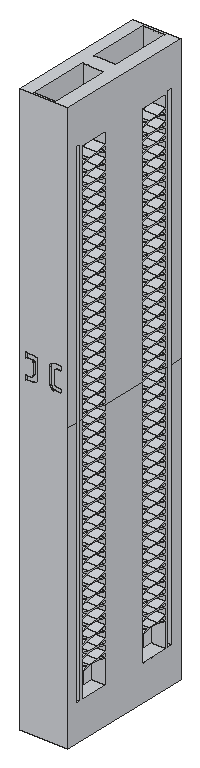
Revit family
Parameters
  Material ID = "760089391"
  Description = "Vertical Cable Management Kit, 8in X 96in (203mm X 2438mm) Double Sided, With Doors, Black"
Reference planes (in)
  plane 1 "Center (Front/Back)": y = 0
  plane 2: z = 0
  plane 3 "Center (Left/Right)": x = 0
Forms (in)
  Extrusion 1, void, not visible
    sketch origin (0, 0, 0) x (1, 0, 0) y (0, 0, 1)
      loop
        line (-7.85662, 0.48089) -> (-7.85662, -0.39002) -> (-7.67285, -0.39002) -> (-7.67285, -0.64002) -> (-7.0736, -0.64002) -> (-7.0736, -0.39002) -> (-6.92978, -0.39002) -> (-6.92978, 0.48089) -> (-7.85662, 0.48089)
    from -3.79215 to 12
  Extrusion 2, void, not visible
    sketch origin (0, 0, 0) x (1, 0, 0) y (0, 0, 1)
      loop
        line (-8.21397, 0.42583) -> (-8.21397, -0.07417) -> (-8.08657, -0.07417) -> (-8.08657, -0.27417) -> (-7.83657, -0.27417) -> (-7.83657, -0.07417) -> (-7.72497, -0.07417) -> (-7.72497, 0.42583) -> (-8.21397, 0.42583)
    from 0.74059 to 3.34334
  Extrusion 3, solid
    sketch origin (0, 0, 0) x (1, 0, 0) y (0, 0, 1)
      loop
        line (4, 48) -> (-4, 48) -> (-4, -48) -> (4, -48) -> (4, 0) -> (4, 48)
    from 11.281 to -12.189
  Extrusion 4, void
    sketch origin (0, 0, 0) x (1, 0, 0) y (0, 0, 1)
      loop
        line (-3, 9.00056) -> (-3, 8.06684) -> (-2.1, 8.06684)
        arc (-2.1, 8.06684) -> (-1.88787, 7.97898) -> (-1.8, 7.76684) r 0.3
        line (-1.8, 7.76684) -> (-1.8, 5.85056)
        arc (-1.8, 5.85056) -> (-1.88787, 5.63843) -> (-2.1, 5.55056) r 0.3
        line (-2.1, 5.55056) -> (-3, 5.55056) -> (-3, 4.75056) -> (-1.8, 4.75056)
        arc (-1.8, 4.75056) -> (-1.23431, 4.98488) -> (-1, 5.55056) r 0.8
        line (-1, 5.55056) -> (-1, 8.20056)
        arc (-1, 8.20056) -> (-1.23431, 8.76625) -> (-1.8, 9.00056) r 0.8
        line (-1.8, 9.00056) -> (-3, 9.00056)
      loop
        line (3, 9.00056) -> (1.8, 9.00056)
        arc (1.8, 9.00056) -> (1.23431, 8.76625) -> (1, 8.20056) r 0.8
        line (1, 8.20056) -> (1, 5.55056)
        arc (1, 5.55056) -> (1.23431, 4.98488) -> (1.8, 4.75056) r 0.8
        line (1.8, 4.75056) -> (3, 4.75056) -> (3, 5.55056) -> (2.1, 5.55056)
        arc (2.1, 5.55056) -> (1.88787, 5.63843) -> (1.8, 5.85056) r 0.3
        line (1.8, 5.85056) -> (1.8, 7.76684)
        arc (1.8, 7.76684) -> (1.88787, 7.97898) -> (2.1, 8.06684) r 0.3
        line (2.1, 8.06684) -> (3, 8.06684) -> (3, 9.00056)
    from 11.08569 to 11.281
  Extrusion 5, void
    sketch origin (0, 0, 0) x (1, 0, 0) y (0, 1, 0)
      loop
        line (1.70983, -0.6615) -> (-2.04017, -0.6615) -> (-2.04017, -10.9115) -> (1.70983, -10.9115) -> (1.70983, -0.6615)
      loop
        line (1.70983, 1.5695) -> (1.70983, 11.8195) -> (-2.04017, 11.8195) -> (-2.04017, 1.5695) -> (1.70983, 1.5695)
    from -58.88014 to 54.97812
  Extrusion 6, void
    sketch origin (0, 0, 0) x (0, 1, 0) y (0, 0, 1)
      loop
        line (-3.37841, 39.06909) -> (-3.37841, 41.06909) -> (-8.50915, 41.06909) -> (-8.50915, 39.06909) -> (-6.81878, 38.61615) -> (-5.06878, 38.61615) -> (-3.37841, 39.06909)
      loop
        line (-3.37841, 38.06909) -> (-5.06878, 38.52202) -> (-6.81878, 38.52202) -> (-8.50915, 38.06909) -> (-8.50915, 37.81909) -> (-8.50915, 37.06909) -> (-6.81878, 36.61615) -> (-5.06878, 36.61615) -> (-3.37841, 37.06909) -> (-3.37841, 37.81909) -> (-3.37841, 38.06909)
      loop
        line (-3.37841, 39.00985) -> (-4.9864, 38.57899) -> (-3.37841, 38.14813) -> (-3.37841, 39.00985)
      loop
        line (-8.50915, 39.00985) -> (-8.50915, 38.14813) -> (-6.90115, 38.57899) -> (-8.50915, 39.00985)
      loop
        line (-3.37841, 36.06909) -> (-5.06878, 36.52202) -> (-6.81878, 36.52202) -> (-8.50915, 36.06909) -> (-8.50915, 35.06909) -> (-6.81878, 34.61615) -> (-5.06878, 34.61615) -> (-3.37841, 35.06909) -> (-3.37841, 36.06909)
      loop
        line (-3.37841, 37.00985) -> (-4.9864, 36.57899) -> (-3.37841, 36.14813) -> (-3.37841, 37.00985)
      loop
        line (-8.50915, 37.00985) -> (-8.50915, 36.14813) -> (-6.90115, 36.57899) -> (-8.50915, 37.00985)
      loop
        line (-3.37841, 34.06909) -> (-5.06878, 34.52202) -> (-6.81878, 34.52202) -> (-8.50915, 34.06909) -> (-8.50915, 33.06909) -> (-6.81878, 32.61615) -> (-5.06878, 32.61615) -> (-3.37841, 33.06909) -> (-3.37841, 34.06909)
      loop
        line (-3.37841, 35.00985) -> (-4.9864, 34.57899) -> (-3.37841, 34.14813) -> (-3.37841, 35.00985)
      loop
        line (-8.50915, 35.00985) -> (-8.50915, 34.14813) -> (-6.90115, 34.57899) -> (-8.50915, 35.00985)
      loop
        line (-3.37841, 32.06909) -> (-5.06878, 32.52202) -> (-6.81878, 32.52202) -> (-8.50915, 32.06909) -> (-8.50915, 31.06909) -> (-6.81878, 30.61615) -> (-5.06878, 30.61615) -> (-3.37841, 31.06909) -> (-3.37841, 32.06909)
      loop
        line (-3.37841, 33.00985) -> (-4.9864, 32.57899) -> (-3.37841, 32.14813) -> (-3.37841, 33.00985)
      loop
        line (-8.50915, 33.00985) -> (-8.50915, 32.14813) -> (-6.90115, 32.57899) -> (-8.50915, 33.00985)
      loop
        line (-3.37841, 30.06909) -> (-5.06878, 30.52202) -> (-6.81878, 30.52202) -> (-8.50915, 30.06909) -> (-8.50915, 29.06909) -> (-6.81878, 28.61615) -> (-5.06878, 28.61615) -> (-3.37841, 29.06909) -> (-3.37841, 30.06909)
      loop
        line (-3.37841, 31.00985) -> (-4.9864, 30.57899) -> (-3.37841, 30.14813) -> (-3.37841, 31.00985)
      loop
        line (-8.50915, 31.00985) -> (-8.50915, 30.14813) -> (-6.90115, 30.57899) -> (-8.50915, 31.00985)
      loop
        line (-3.37841, 28.06909) -> (-5.06878, 28.52202) -> (-6.81878, 28.52202) -> (-8.50915, 28.06909) -> (-8.50915, 27.06909) -> (-6.81878, 26.61615) -> (-5.06878, 26.61615) -> (-3.37841, 27.06909) -> (-3.37841, 28.06909)
      loop
        line (-3.37841, 29.00985) -> (-4.9864, 28.57899) -> (-3.37841, 28.14813) -> (-3.37841, 29.00985)
      loop
        line (-8.50915, 29.00985) -> (-8.50915, 28.14813) -> (-6.90115, 28.57899) -> (-8.50915, 29.00985)
      loop
        line (-3.37841, 26.06909) -> (-5.06878, 26.52202) -> (-6.81878, 26.52202) -> (-8.50915, 26.06909) -> (-8.50915, 25.06909) -> (-6.81878, 24.61615) -> (-5.06878, 24.61615) -> (-3.37841, 25.06909) -> (-3.37841, 26.06909)
      loop
        line (-3.37841, 27.00985) -> (-4.9864, 26.57899) -> (-3.37841, 26.14813) -> (-3.37841, 27.00985)
      loop
        line (-8.50915, 27.00985) -> (-8.50915, 26.14813) -> (-6.90115, 26.57899) -> (-8.50915, 27.00985)
      loop
        line (-3.37841, 24.06909) -> (-5.06878, 24.52202) -> (-6.81878, 24.52202) -> (-8.50915, 24.06909) -> (-8.50915, 23.06909) -> (-6.81878, 22.61615) -> (-5.06878, 22.61615) -> (-3.37841, 23.06909) -> (-3.37841, 24.06909)
      loop
        line (-3.37841, 25.00985) -> (-4.9864, 24.57899) -> (-3.37841, 24.14813) -> (-3.37841, 25.00985)
      loop
        line (-8.50915, 25.00985) -> (-8.50915, 24.14813) -> (-6.90115, 24.57899) -> (-8.50915, 25.00985)
      loop
        line (-3.37841, 22.06909) -> (-5.06878, 22.52202) -> (-6.81878, 22.52202) -> (-8.50915, 22.06909) -> (-8.50915, 21.06909) -> (-6.81878, 20.61615) -> (-5.06878, 20.61615) -> (-3.37841, 21.06909) -> (-3.37841, 22.06909)
      loop
        line (-3.37841, 23.00985) -> (-4.9864, 22.57899) -> (-3.37841, 22.14813) -> (-3.37841, 23.00985)
      loop
        line (-8.50915, 23.00985) -> (-8.50915, 22.14813) -> (-6.90115, 22.57899) -> (-8.50915, 23.00985)
      loop
        line (-3.37841, 20.06909) -> (-5.06878, 20.52202) -> (-6.81878, 20.52202) -> (-8.50915, 20.06909) -> (-8.50915, 19.06909) -> (-6.81878, 18.61615) -> (-5.06878, 18.61615) -> (-3.37841, 19.06909) -> (-3.37841, 20.06909)
      loop
        line (-3.37841, 21.00985) -> (-4.9864, 20.57899) -> (-3.37841, 20.14813) -> (-3.37841, 21.00985)
      loop
        line (-8.50915, 21.00985) -> (-8.50915, 20.14813) -> (-6.90115, 20.57899) -> (-8.50915, 21.00985)
      loop
        line (-3.37841, 18.06909) -> (-5.06878, 18.52202) -> (-6.81878, 18.52202) -> (-8.50915, 18.06909) -> (-8.50915, 17.06909) -> (-6.81878, 16.61615) -> (-5.06878, 16.61615) -> (-3.37841, 17.06909) -> (-3.37841, 18.06909)
      loop
        line (-3.37841, 19.00985) -> (-4.9864, 18.57899) -> (-3.37841, 18.14813) -> (-3.37841, 19.00985)
      loop
        line (-8.50915, 19.00985) -> (-8.50915, 18.14813) -> (-6.90115, 18.57899) -> (-8.50915, 19.00985)
      loop
        line (-3.37841, 16.06909) -> (-5.06878, 16.52202) -> (-6.81878, 16.52202) -> (-8.50915, 16.06909) -> (-8.50915, 15.06909) -> (-6.81878, 14.61615) -> (-5.06878, 14.61615) -> (-3.37841, 15.06909) -> (-3.37841, 16.06909)
      loop
        line (-3.37841, 17.00985) -> (-4.9864, 16.57899) -> (-3.37841, 16.14813) -> (-3.37841, 17.00985)
      loop
        line (-8.50915, 17.00985) -> (-8.50915, 16.14813) -> (-6.90115, 16.57899) -> (-8.50915, 17.00985)
      loop
        line (-3.37841, 14.06909) -> (-5.06878, 14.52202) -> (-6.81878, 14.52202) -> (-8.50915, 14.06909) -> (-8.50915, 13.06909) -> (-6.81878, 12.61615) -> (-5.06878, 12.61615) -> (-3.37841, 13.06909) -> (-3.37841, 14.06909)
      loop
        line (-3.37841, 15.00985) -> (-4.9864, 14.57899) -> (-3.37841, 14.14813) -> (-3.37841, 15.00985)
      loop
        line (-8.50915, 15.00985) -> (-8.50915, 14.14813) -> (-6.90115, 14.57899) -> (-8.50915, 15.00985)
      loop
        line (-3.37841, 12.06909) -> (-5.06878, 12.52202) -> (-6.81878, 12.52202) -> (-8.50915, 12.06909) -> (-8.50915, 11.06909) -> (-6.81878, 10.61615) -> (-5.06878, 10.61615) -> (-3.37841, 11.06909) -> (-3.37841, 12.06909)
      loop
        line (-3.37841, 13.00985) -> (-4.9864, 12.57899) -> (-3.37841, 12.14813) -> (-3.37841, 13.00985)
      loop
        line (-8.50915, 13.00985) -> (-8.50915, 12.14813) -> (-6.90115, 12.57899) -> (-8.50915, 13.00985)
      loop
        line (-3.37841, 10.06909) -> (-5.06878, 10.52202) -> (-6.81878, 10.52202) -> (-8.50915, 10.06909) -> (-8.50915, 9.06909) -> (-6.81878, 8.61615) -> (-5.06878, 8.61615) -> (-3.37841, 9.06909) -> (-3.37841, 10.06909)
      loop
        line (-3.37841, 11.00985) -> (-4.9864, 10.57899) -> (-3.37841, 10.14813) -> (-3.37841, 11.00985)
      loop
        line (-8.50915, 11.00985) -> (-8.50915, 10.14813) -> (-6.90115, 10.57899) -> (-8.50915, 11.00985)
      loop
        line (-3.37841, 8.06909) -> (-5.06878, 8.52202) -> (-6.81878, 8.52202) -> (-8.50915, 8.06909) -> (-8.50915, 7.06909) -> (-6.81878, 6.61615) -> (-5.06878, 6.61615) -> (-3.37841, 7.06909) -> (-3.37841, 8.06909)
      loop
        line (-3.37841, 9.00985) -> (-4.9864, 8.57899) -> (-3.37841, 8.14813) -> (-3.37841, 9.00985)
      loop
        line (-8.50915, 9.00985) -> (-8.50915, 8.14813) -> (-6.90115, 8.57899) -> (-8.50915, 9.00985)
      loop
        line (-3.37841, 6.06909) -> (-5.06878, 6.52202) -> (-6.81878, 6.52202) -> (-8.50915, 6.06909) -> (-8.50915, 5.06909) -> (-6.81878, 4.61615) -> (-5.06878, 4.61615) -> (-3.37841, 5.06909) -> (-3.37841, 6.06909)
      loop
        line (-3.37841, 7.00985) -> (-4.9864, 6.57899) -> (-3.37841, 6.14813) -> (-3.37841, 7.00985)
      loop
        line (-8.50915, 7.00985) -> (-8.50915, 6.14813) -> (-6.90115, 6.57899) -> (-8.50915, 7.00985)
      loop
        line (-3.37841, 4.06909) -> (-5.06878, 4.52202) -> (-6.81878, 4.52202) -> (-8.50915, 4.06909) -> (-8.50915, 3.06909) -> (-6.81878, 2.61615) -> (-5.06878, 2.61615) -> (-3.37841, 3.06909) -> (-3.37841, 4.06909)
      loop
        line (-3.37841, 5.00985) -> (-4.9864, 4.57899) -> (-3.37841, 4.14813) -> (-3.37841, 5.00985)
      loop
        line (-8.50915, 5.00985) -> (-8.50915, 4.14813) -> (-6.90115, 4.57899) -> (-8.50915, 5.00985)
      loop
        line (-3.37841, 2.06909) -> (-5.06878, 2.52202) -> (-6.81878, 2.52202) -> (-8.50915, 2.06909) -> (-8.50915, 1.06909) -> (-6.81878, 0.61615) -> (-5.06878, 0.61615) -> (-3.37841, 1.06909) -> (-3.37841, 2.06909)
      loop
        line (-3.37841, 3.00985) -> (-4.9864, 2.57899) -> (-3.37841, 2.14813) -> (-3.37841, 3.00985)
      loop
        line (-8.50915, 3.00985) -> (-8.50915, 2.14813) -> (-6.90115, 2.57899) -> (-8.50915, 3.00985)
      loop
        line (-3.37841, 0.06909) -> (-5.06878, 0.52202) -> (-6.81878, 0.52202) -> (-8.50915, 0.06909) -> (-8.50915, -0.93091) -> (-6.81878, -1.38385) -> (-5.06878, -1.38385) -> (-3.37841, -0.93091) -> (-3.37841, 0.06909)
      loop
        line (-3.37841, 1.00985) -> (-4.9864, 0.57899) -> (-3.37841, 0.14813) -> (-3.37841, 1.00985)
      loop
        line (-8.50915, 1.00985) -> (-8.50915, 0.14813) -> (-6.90115, 0.57899) -> (-8.50915, 1.00985)
      loop
        line (-3.37841, -1.93091) -> (-5.06878, -1.47798) -> (-6.81878, -1.47798) -> (-8.50915, -1.93091) -> (-8.50915, -2.93091) -> (-6.81878, -3.38385) -> (-5.06878, -3.38385) -> (-3.37841, -2.93091) -> (-3.37841, -1.93091)
      loop
        line (-3.37841, -0.99015) -> (-4.9864, -1.42101) -> (-3.37841, -1.85187) -> (-3.37841, -0.99015)
      loop
        line (-8.50915, -0.99015) -> (-8.50915, -1.85187) -> (-6.90115, -1.42101) -> (-8.50915, -0.99015)
      loop
        line (-3.37841, -3.93091) -> (-5.06878, -3.47798) -> (-6.81878, -3.47798) -> (-8.50915, -3.93091) -> (-8.50915, -4.93091) -> (-6.81878, -5.38385) -> (-5.06878, -5.38385) -> (-3.37841, -4.93091) -> (-3.37841, -3.93091)
      loop
        line (-3.37841, -2.99015) -> (-4.9864, -3.42101) -> (-3.37841, -3.85187) -> (-3.37841, -2.99015)
      loop
        line (-8.50915, -2.99015) -> (-8.50915, -3.85187) -> (-6.90115, -3.42101) -> (-8.50915, -2.99015)
      loop
        line (-3.37841, -5.93091) -> (-5.06878, -5.47798) -> (-6.81878, -5.47798) -> (-8.50915, -5.93091) -> (-8.50915, -6.93091) -> (-6.81878, -7.38385) -> (-5.06878, -7.38385) -> (-3.37841, -6.93091) -> (-3.37841, -5.93091)
      loop
        line (-3.37841, -4.99015) -> (-4.9864, -5.42101) -> (-3.37841, -5.85187) -> (-3.37841, -4.99015)
      loop
        line (-8.50915, -4.99015) -> (-8.50915, -5.85187) -> (-6.90115, -5.42101) -> (-8.50915, -4.99015)
      loop
        line (-3.37841, -7.93091) -> (-5.06878, -7.47798) -> (-6.81878, -7.47798) -> (-8.50915, -7.93091) -> (-8.50915, -8.93091) -> (-6.81878, -9.38385) -> (-5.06878, -9.38385) -> (-3.37841, -8.93091) -> (-3.37841, -7.93091)
      loop
        line (-3.37841, -6.99015) -> (-4.9864, -7.42101) -> (-3.37841, -7.85187) -> (-3.37841, -6.99015)
      loop
        line (-8.50915, -6.99015) -> (-8.50915, -7.85187) -> (-6.90115, -7.42101) -> (-8.50915, -6.99015)
      loop
        line (-3.37841, -9.93091) -> (-5.06878, -9.47798) -> (-6.81878, -9.47798) -> (-8.50915, -9.93091) -> (-8.50915, -10.93091) -> (-6.81878, -11.38385) -> (-5.06878, -11.38385) -> (-3.37841, -10.93091) -> (-3.37841, -9.93091)
      loop
        line (-3.37841, -8.99015) -> (-4.9864, -9.42101) -> (-3.37841, -9.85187) -> (-3.37841, -8.99015)
      loop
        line (-8.50915, -8.99015) -> (-8.50915, -9.85187) -> (-6.90115, -9.42101) -> (-8.50915, -8.99015)
      loop
        line (-3.37841, -11.93091) -> (-5.06878, -11.47798) -> (-6.81878, -11.47798) -> (-8.50915, -11.93091) -> (-8.50915, -12.93091) -> (-6.81878, -13.38385) -> (-5.06878, -13.38385) -> (-3.37841, -12.93091) -> (-3.37841, -11.93091)
      loop
        line (-3.37841, -10.99015) -> (-4.9864, -11.42101) -> (-3.37841, -11.85187) -> (-3.37841, -10.99015)
      loop
        line (-8.50915, -10.99015) -> (-8.50915, -11.85187) -> (-6.90115, -11.42101) -> (-8.50915, -10.99015)
      loop
        line (-3.37841, -13.93091) -> (-5.06878, -13.47798) -> (-6.81878, -13.47798) -> (-8.50915, -13.93091) -> (-8.50915, -14.93091) -> (-6.81878, -15.38385) -> (-5.06878, -15.38385) -> (-3.37841, -14.93091) -> (-3.37841, -13.93091)
      loop
        line (-3.37841, -12.99015) -> (-4.9864, -13.42101) -> (-3.37841, -13.85187) -> (-3.37841, -12.99015)
      loop
        line (-8.50915, -12.99015) -> (-8.50915, -13.85187) -> (-6.90115, -13.42101) -> (-8.50915, -12.99015)
      loop
        line (-3.37841, -15.93091) -> (-5.06878, -15.47798) -> (-6.81878, -15.47798) -> (-8.50915, -15.93091) -> (-8.50915, -16.93091) -> (-6.81878, -17.38385) -> (-5.06878, -17.38385) -> (-3.37841, -16.93091) -> (-3.37841, -15.93091)
      loop
        line (-3.37841, -14.99015) -> (-4.9864, -15.42101) -> (-3.37841, -15.85187) -> (-3.37841, -14.99015)
      loop
        line (-8.50915, -14.99015) -> (-8.50915, -15.85187) -> (-6.90115, -15.42101) -> (-8.50915, -14.99015)
      loop
        line (-3.37841, -17.93091) -> (-5.06878, -17.47798) -> (-6.81878, -17.47798) -> (-8.50915, -17.93091) -> (-8.50915, -18.93091) -> (-6.81878, -19.38385) -> (-5.06878, -19.38385) -> (-3.37841, -18.93091) -> (-3.37841, -17.93091)
      loop
        line (-3.37841, -16.99015) -> (-4.9864, -17.42101) -> (-3.37841, -17.85187) -> (-3.37841, -16.99015)
      loop
        line (-8.50915, -16.99015) -> (-8.50915, -17.85187) -> (-6.90115, -17.42101) -> (-8.50915, -16.99015)
      loop
        line (-3.37841, -19.93091) -> (-5.06878, -19.47798) -> (-6.81878, -19.47798) -> (-8.50915, -19.93091) -> (-8.50915, -20.93091) -> (-6.81878, -21.38385) -> (-5.06878, -21.38385) -> (-3.37841, -20.93091) -> (-3.37841, -19.93091)
      loop
        line (-3.37841, -18.99015) -> (-4.9864, -19.42101) -> (-3.37841, -19.85187) -> (-3.37841, -18.99015)
      loop
        line (-8.50915, -18.99015) -> (-8.50915, -19.85187) -> (-6.90115, -19.42101) -> (-8.50915, -18.99015)
      loop
        line (-3.37841, -21.93091) -> (-5.06878, -21.47798) -> (-6.81878, -21.47798) -> (-8.50915, -21.93091) -> (-8.50915, -22.93091) -> (-6.81878, -23.38385) -> (-5.06878, -23.38385) -> (-3.37841, -22.93091) -> (-3.37841, -21.93091)
      loop
        line (-3.37841, -20.99015) -> (-4.9864, -21.42101) -> (-3.37841, -21.85187) -> (-3.37841, -20.99015)
      loop
        line (-8.50915, -20.99015) -> (-8.50915, -21.85187) -> (-6.90115, -21.42101) -> (-8.50915, -20.99015)
      loop
        line (-3.37841, -23.93091) -> (-5.06878, -23.47798) -> (-6.81878, -23.47798) -> (-8.50915, -23.93091) -> (-8.50915, -24.93091) -> (-6.81878, -25.38385) -> (-5.06878, -25.38385) -> (-3.37841, -24.93091) -> (-3.37841, -23.93091)
      loop
        line (-3.37841, -22.99015) -> (-4.9864, -23.42101) -> (-3.37841, -23.85187) -> (-3.37841, -22.99015)
      loop
        line (-8.50915, -22.99015) -> (-8.50915, -23.85187) -> (-6.90115, -23.42101) -> (-8.50915, -22.99015)
      loop
        line (-3.37841, -25.93091) -> (-5.06878, -25.47798) -> (-6.81878, -25.47798) -> (-8.50915, -25.93091) -> (-8.50915, -26.93091) -> (-6.81878, -27.38385) -> (-5.06878, -27.38385) -> (-3.37841, -26.93091) -> (-3.37841, -25.93091)
      loop
        line (-3.37841, -24.99015) -> (-4.9864, -25.42101) -> (-3.37841, -25.85187) -> (-3.37841, -24.99015)
      loop
        line (-8.50915, -24.99015) -> (-8.50915, -25.85187) -> (-6.90115, -25.42101) -> (-8.50915, -24.99015)
      loop
        line (-3.37841, -27.93091) -> (-5.06878, -27.47798) -> (-6.81878, -27.47798) -> (-8.50915, -27.93091) -> (-8.50915, -28.93091) -> (-6.81878, -29.38385) -> (-5.06878, -29.38385) -> (-3.37841, -28.93091) -> (-3.37841, -27.93091)
      loop
        line (-3.37841, -26.99015) -> (-4.9864, -27.42101) -> (-3.37841, -27.85187) -> (-3.37841, -26.99015)
      loop
        line (-8.50915, -26.99015) -> (-8.50915, -27.85187) -> (-6.90115, -27.42101) -> (-8.50915, -26.99015)
      loop
        line (-3.37841, -29.93091) -> (-5.06878, -29.47798) -> (-6.81878, -29.47798) -> (-8.50915, -29.93091) -> (-8.50915, -30.93091) -> (-6.81878, -31.38385) -> (-5.06878, -31.38385) -> (-3.37841, -30.93091) -> (-3.37841, -29.93091)
      loop
        line (-3.37841, -28.99015) -> (-4.9864, -29.42101) -> (-3.37841, -29.85187) -> (-3.37841, -28.99015)
      loop
        line (-8.50915, -28.99015) -> (-8.50915, -29.85187) -> (-6.90115, -29.42101) -> (-8.50915, -28.99015)
      loop
        line (-3.37841, -31.93091) -> (-5.06878, -31.47798) -> (-6.81878, -31.47798) -> (-8.50915, -31.93091) -> (-8.50915, -32.93091) -> (-6.81878, -33.38385) -> (-5.06878, -33.38385) -> (-3.37841, -32.93091) -> (-3.37841, -31.93091)
      loop
        line (-3.37841, -30.99015) -> (-4.9864, -31.42101) -> (-3.37841, -31.85187) -> (-3.37841, -30.99015)
      loop
        line (-8.50915, -30.99015) -> (-8.50915, -31.85187) -> (-6.90115, -31.42101) -> (-8.50915, -30.99015)
      loop
        line (-3.37841, -33.93091) -> (-5.06878, -33.47798) -> (-6.81878, -33.47798) -> (-8.50915, -33.93091) -> (-8.50915, -34.93091) -> (-6.81878, -35.38385) -> (-5.06878, -35.38385) -> (-3.37841, -34.93091) -> (-3.37841, -33.93091)
      loop
        line (-3.37841, -32.99015) -> (-4.9864, -33.42101) -> (-3.37841, -33.85187) -> (-3.37841, -32.99015)
      loop
        line (-8.50915, -32.99015) -> (-8.50915, -33.85187) -> (-6.90115, -33.42101) -> (-8.50915, -32.99015)
      loop
        line (-3.37841, -35.93091) -> (-5.06878, -35.47798) -> (-6.81878, -35.47798) -> (-8.50915, -35.93091) -> (-8.50915, -36.93091) -> (-6.81878, -37.38385) -> (-5.06878, -37.38385) -> (-3.37841, -36.93091) -> (-3.37841, -35.93091)
      loop
        line (-3.37841, -34.99015) -> (-4.9864, -35.42101) -> (-3.37841, -35.85187) -> (-3.37841, -34.99015)
      loop
        line (-8.50915, -34.99015) -> (-8.50915, -35.85187) -> (-6.90115, -35.42101) -> (-8.50915, -34.99015)
      loop
        line (-3.37841, -37.93091) -> (-5.06878, -37.47798) -> (-6.81878, -37.47798) -> (-8.50915, -37.93091) -> (-8.50915, -42) -> (-3.37841, -42) -> (-3.37841, -37.93091)
      loop
        line (-3.37841, -36.99015) -> (-4.9864, -37.42101) -> (-3.37841, -37.85187) -> (-3.37841, -36.99015)
      loop
        line (-8.50915, -36.99015) -> (-8.50915, -37.85187) -> (-6.90115, -37.42101) -> (-8.50915, -36.99015)
      loop
        line (4.05541, 39.06909) -> (5.74578, 38.61615) -> (7.49578, 38.61615) -> (9.18615, 39.06909) -> (9.18615, 41.06909) -> (4.05541, 41.06909) -> (4.05541, 39.06909)
      loop
        line (4.05541, 38.06909) -> (4.05541, 37.81909) -> (4.05541, 37.06909) -> (5.74578, 36.61615) -> (7.49578, 36.61615) -> (9.18615, 37.06909) -> (9.18615, 37.81909) -> (9.18615, 38.06909) -> (7.49578, 38.52202) -> (5.74578, 38.52202) -> (4.05541, 38.06909)
      loop
        line (4.05541, 39.00985) -> (4.05541, 38.14813) -> (5.6634, 38.57899) -> (4.05541, 39.00985)
      loop
        line (9.18615, 39.00985) -> (7.57815, 38.57899) -> (9.18615, 38.14813) -> (9.18615, 39.00985)
      loop
        line (4.05541, 36.06909) -> (4.05541, 35.06909) -> (5.74578, 34.61615) -> (7.49578, 34.61615) -> (9.18615, 35.06909) -> (9.18615, 36.06909) -> (7.49578, 36.52202) -> (5.74578, 36.52202) -> (4.05541, 36.06909)
      loop
        line (4.05541, 37.00985) -> (4.05541, 36.14813) -> (5.6634, 36.57899) -> (4.05541, 37.00985)
      loop
        line (9.18615, 37.00985) -> (7.57815, 36.57899) -> (9.18615, 36.14813) -> (9.18615, 37.00985)
      loop
        line (4.05541, 34.06909) -> (4.05541, 33.06909) -> (5.74578, 32.61615) -> (7.49578, 32.61615) -> (9.18615, 33.06909) -> (9.18615, 34.06909) -> (7.49578, 34.52202) -> (5.74578, 34.52202) -> (4.05541, 34.06909)
      loop
        line (4.05541, 35.00985) -> (4.05541, 34.14813) -> (5.6634, 34.57899) -> (4.05541, 35.00985)
      loop
        line (9.18615, 35.00985) -> (7.57815, 34.57899) -> (9.18615, 34.14813) -> (9.18615, 35.00985)
      loop
        line (4.05541, 32.06909) -> (4.05541, 31.06909) -> (5.74578, 30.61615) -> (7.49578, 30.61615) -> (9.18615, 31.06909) -> (9.18615, 32.06909) -> (7.49578, 32.52202) -> (5.74578, 32.52202) -> (4.05541, 32.06909)
      loop
        line (4.05541, 33.00985) -> (4.05541, 32.14813) -> (5.6634, 32.57899) -> (4.05541, 33.00985)
      loop
        line (9.18615, 33.00985) -> (7.57815, 32.57899) -> (9.18615, 32.14813) -> (9.18615, 33.00985)
      loop
        line (4.05541, 30.06909) -> (4.05541, 29.06909) -> (5.74578, 28.61615) -> (7.49578, 28.61615) -> (9.18615, 29.06909) -> (9.18615, 30.06909) -> (7.49578, 30.52202) -> (5.74578, 30.52202) -> (4.05541, 30.06909)
      loop
        line (4.05541, 31.00985) -> (4.05541, 30.14813) -> (5.6634, 30.57899) -> (4.05541, 31.00985)
      loop
        line (9.18615, 31.00985) -> (7.57815, 30.57899) -> (9.18615, 30.14813) -> (9.18615, 31.00985)
      loop
        line (4.05541, 28.06909) -> (4.05541, 27.06909) -> (5.74578, 26.61615) -> (7.49578, 26.61615) -> (9.18615, 27.06909) -> (9.18615, 28.06909) -> (7.49578, 28.52202) -> (5.74578, 28.52202) -> (4.05541, 28.06909)
      loop
        line (4.05541, 29.00985) -> (4.05541, 28.14813) -> (5.6634, 28.57899) -> (4.05541, 29.00985)
      loop
        line (9.18615, 29.00985) -> (7.57815, 28.57899) -> (9.18615, 28.14813) -> (9.18615, 29.00985)
      loop
        line (4.05541, 26.06909) -> (4.05541, 25.06909) -> (5.74578, 24.61615) -> (7.49578, 24.61615) -> (9.18615, 25.06909) -> (9.18615, 26.06909) -> (7.49578, 26.52202) -> (5.74578, 26.52202) -> (4.05541, 26.06909)
      loop
        line (4.05541, 27.00985) -> (4.05541, 26.14813) -> (5.6634, 26.57899) -> (4.05541, 27.00985)
      loop
        line (9.18615, 27.00985) -> (7.57815, 26.57899) -> (9.18615, 26.14813) -> (9.18615, 27.00985)
      loop
        line (4.05541, 24.06909) -> (4.05541, 23.06909) -> (5.74578, 22.61615) -> (7.49578, 22.61615) -> (9.18615, 23.06909) -> (9.18615, 24.06909) -> (7.49578, 24.52202) -> (5.74578, 24.52202) -> (4.05541, 24.06909)
      loop
        line (4.05541, 25.00985) -> (4.05541, 24.14813) -> (5.6634, 24.57899) -> (4.05541, 25.00985)
      loop
        line (9.18615, 25.00985) -> (7.57815, 24.57899) -> (9.18615, 24.14813) -> (9.18615, 25.00985)
      loop
        line (4.05541, 22.06909) -> (4.05541, 21.06909) -> (5.74578, 20.61615) -> (7.49578, 20.61615) -> (9.18615, 21.06909) -> (9.18615, 22.06909) -> (7.49578, 22.52202) -> (5.74578, 22.52202) -> (4.05541, 22.06909)
      loop
        line (4.05541, 23.00985) -> (4.05541, 22.14813) -> (5.6634, 22.57899) -> (4.05541, 23.00985)
      loop
        line (9.18615, 23.00985) -> (7.57815, 22.57899) -> (9.18615, 22.14813) -> (9.18615, 23.00985)
      loop
        line (4.05541, 20.06909) -> (4.05541, 19.06909) -> (5.74578, 18.61615) -> (7.49578, 18.61615) -> (9.18615, 19.06909) -> (9.18615, 20.06909) -> (7.49578, 20.52202) -> (5.74578, 20.52202) -> (4.05541, 20.06909)
      loop
        line (4.05541, 21.00985) -> (4.05541, 20.14813) -> (5.6634, 20.57899) -> (4.05541, 21.00985)
      loop
        line (9.18615, 21.00985) -> (7.57815, 20.57899) -> (9.18615, 20.14813) -> (9.18615, 21.00985)
      loop
        line (4.05541, 18.06909) -> (4.05541, 17.06909) -> (5.74578, 16.61615) -> (7.49578, 16.61615) -> (9.18615, 17.06909) -> (9.18615, 18.06909) -> (7.49578, 18.52202) -> (5.74578, 18.52202) -> (4.05541, 18.06909)
      loop
        line (4.05541, 19.00985) -> (4.05541, 18.14813) -> (5.6634, 18.57899) -> (4.05541, 19.00985)
      loop
        line (9.18615, 19.00985) -> (7.57815, 18.57899) -> (9.18615, 18.14813) -> (9.18615, 19.00985)
      loop
        line (4.05541, 16.06909) -> (4.05541, 15.06909) -> (5.74578, 14.61615) -> (7.49578, 14.61615) -> (9.18615, 15.06909) -> (9.18615, 16.06909) -> (7.49578, 16.52202) -> (5.74578, 16.52202) -> (4.05541, 16.06909)
      loop
        line (4.05541, 17.00985) -> (4.05541, 16.14813) -> (5.6634, 16.57899) -> (4.05541, 17.00985)
      loop
        line (9.18615, 17.00985) -> (7.57815, 16.57899) -> (9.18615, 16.14813) -> (9.18615, 17.00985)
      loop
        line (4.05541, 14.06909) -> (4.05541, 13.06909) -> (5.74578, 12.61615) -> (7.49578, 12.61615) -> (9.18615, 13.06909) -> (9.18615, 14.06909) -> (7.49578, 14.52202) -> (5.74578, 14.52202) -> (4.05541, 14.06909)
      loop
        line (4.05541, 15.00985) -> (4.05541, 14.14813) -> (5.6634, 14.57899) -> (4.05541, 15.00985)
      loop
        line (9.18615, 15.00985) -> (7.57815, 14.57899) -> (9.18615, 14.14813) -> (9.18615, 15.00985)
      loop
        line (4.05541, 12.06909) -> (4.05541, 11.06909) -> (5.74578, 10.61615) -> (7.49578, 10.61615) -> (9.18615, 11.06909) -> (9.18615, 12.06909) -> (7.49578, 12.52202) -> (5.74578, 12.52202) -> (4.05541, 12.06909)
      loop
        line (4.05541, 13.00985) -> (4.05541, 12.14813) -> (5.6634, 12.57899) -> (4.05541, 13.00985)
      loop
        line (9.18615, 13.00985) -> (7.57815, 12.57899) -> (9.18615, 12.14813) -> (9.18615, 13.00985)
      loop
        line (4.05541, 10.06909) -> (4.05541, 9.06909) -> (5.74578, 8.61615) -> (7.49578, 8.61615) -> (9.18615, 9.06909) -> (9.18615, 10.06909) -> (7.49578, 10.52202) -> (5.74578, 10.52202) -> (4.05541, 10.06909)
      loop
        line (4.05541, 11.00985) -> (4.05541, 10.14813) -> (5.6634, 10.57899) -> (4.05541, 11.00985)
      loop
        line (9.18615, 11.00985) -> (7.57815, 10.57899) -> (9.18615, 10.14813) -> (9.18615, 11.00985)
      loop
        line (4.05541, 8.06909) -> (4.05541, 7.06909) -> (5.74578, 6.61615) -> (7.49578, 6.61615) -> (9.18615, 7.06909) -> (9.18615, 8.06909) -> (7.49578, 8.52202) -> (5.74578, 8.52202) -> (4.05541, 8.06909)
      loop
        line (4.05541, 9.00985) -> (4.05541, 8.14813) -> (5.6634, 8.57899) -> (4.05541, 9.00985)
      loop
        line (9.18615, 9.00985) -> (7.57815, 8.57899) -> (9.18615, 8.14813) -> (9.18615, 9.00985)
      loop
        line (4.05541, 6.06909) -> (4.05541, 5.06909) -> (5.74578, 4.61615) -> (7.49578, 4.61615) -> (9.18615, 5.06909) -> (9.18615, 6.06909) -> (7.49578, 6.52202) -> (5.74578, 6.52202) -> (4.05541, 6.06909)
      loop
        line (4.05541, 7.00985) -> (4.05541, 6.14813) -> (5.6634, 6.57899) -> (4.05541, 7.00985)
      loop
        line (9.18615, 7.00985) -> (7.57815, 6.57899) -> (9.18615, 6.14813) -> (9.18615, 7.00985)
      loop
        line (4.05541, 4.06909) -> (4.05541, 3.06909) -> (5.74578, 2.61615) -> (7.49578, 2.61615) -> (9.18615, 3.06909) -> (9.18615, 4.06909) -> (7.49578, 4.52202) -> (5.74578, 4.52202) -> (4.05541, 4.06909)
      loop
        line (4.05541, 5.00985) -> (4.05541, 4.14813) -> (5.6634, 4.57899) -> (4.05541, 5.00985)
      loop
        line (9.18615, 5.00985) -> (7.57815, 4.57899) -> (9.18615, 4.14813) -> (9.18615, 5.00985)
      loop
        line (4.05541, 2.06909) -> (4.05541, 1.06909) -> (5.74578, 0.61615) -> (7.49578, 0.61615) -> (9.18615, 1.06909) -> (9.18615, 2.06909) -> (7.49578, 2.52202) -> (5.74578, 2.52202) -> (4.05541, 2.06909)
      loop
        line (4.05541, 3.00985) -> (4.05541, 2.14813) -> (5.6634, 2.57899) -> (4.05541, 3.00985)
      loop
        line (9.18615, 3.00985) -> (7.57815, 2.57899) -> (9.18615, 2.14813) -> (9.18615, 3.00985)
      loop
        line (4.05541, 0.06909) -> (4.05541, -0.93091) -> (5.74578, -1.38385) -> (7.49578, -1.38385) -> (9.18615, -0.93091) -> (9.18615, 0.06909) -> (7.49578, 0.52202) -> (5.74578, 0.52202) -> (4.05541, 0.06909)
      loop
        line (4.05541, 1.00985) -> (4.05541, 0.14813) -> (5.6634, 0.57899) -> (4.05541, 1.00985)
      loop
        line (9.18615, 1.00985) -> (7.57815, 0.57899) -> (9.18615, 0.14813) -> (9.18615, 1.00985)
      loop
        line (4.05541, -1.93091) -> (4.05541, -2.93091) -> (5.74578, -3.38385) -> (7.49578, -3.38385) -> (9.18615, -2.93091) -> (9.18615, -1.93091) -> (7.49578, -1.47798) -> (5.74578, -1.47798) -> (4.05541, -1.93091)
      loop
        line (4.05541, -0.99015) -> (4.05541, -1.85187) -> (5.6634, -1.42101) -> (4.05541, -0.99015)
      loop
        line (9.18615, -0.99015) -> (7.57815, -1.42101) -> (9.18615, -1.85187) -> (9.18615, -0.99015)
      loop
        line (4.05541, -3.93091) -> (4.05541, -4.93091) -> (5.74578, -5.38385) -> (7.49578, -5.38385) -> (9.18615, -4.93091) -> (9.18615, -3.93091) -> (7.49578, -3.47798) -> (5.74578, -3.47798) -> (4.05541, -3.93091)
      loop
        line (4.05541, -2.99015) -> (4.05541, -3.85187) -> (5.6634, -3.42101) -> (4.05541, -2.99015)
      loop
        line (9.18615, -2.99015) -> (7.57815, -3.42101) -> (9.18615, -3.85187) -> (9.18615, -2.99015)
      loop
        line (4.05541, -5.93091) -> (4.05541, -6.93091) -> (5.74578, -7.38385) -> (7.49578, -7.38385) -> (9.18615, -6.93091) -> (9.18615, -5.93091) -> (7.49578, -5.47798) -> (5.74578, -5.47798) -> (4.05541, -5.93091)
      loop
        line (4.05541, -4.99015) -> (4.05541, -5.85187) -> (5.6634, -5.42101) -> (4.05541, -4.99015)
      loop
        line (9.18615, -4.99015) -> (7.57815, -5.42101) -> (9.18615, -5.85187) -> (9.18615, -4.99015)
      loop
        line (4.05541, -7.93091) -> (4.05541, -8.93091) -> (5.74578, -9.38385) -> (7.49578, -9.38385) -> (9.18615, -8.93091) -> (9.18615, -7.93091) -> (7.49578, -7.47798) -> (5.74578, -7.47798) -> (4.05541, -7.93091)
      loop
        line (4.05541, -6.99015) -> (4.05541, -7.85187) -> (5.6634, -7.42101) -> (4.05541, -6.99015)
      loop
        line (9.18615, -6.99015) -> (7.57815, -7.42101) -> (9.18615, -7.85187) -> (9.18615, -6.99015)
      loop
        line (4.05541, -9.93091) -> (4.05541, -10.93091) -> (5.74578, -11.38385) -> (7.49578, -11.38385) -> (9.18615, -10.93091) -> (9.18615, -9.93091) -> (7.49578, -9.47798) -> (5.74578, -9.47798) -> (4.05541, -9.93091)
      loop
        line (4.05541, -8.99015) -> (4.05541, -9.85187) -> (5.6634, -9.42101) -> (4.05541, -8.99015)
      loop
        line (9.18615, -8.99015) -> (7.57815, -9.42101) -> (9.18615, -9.85187) -> (9.18615, -8.99015)
      loop
        line (4.05541, -11.93091) -> (4.05541, -12.93091) -> (5.74578, -13.38385) -> (7.49578, -13.38385) -> (9.18615, -12.93091) -> (9.18615, -11.93091) -> (7.49578, -11.47798) -> (5.74578, -11.47798) -> (4.05541, -11.93091)
      loop
        line (4.05541, -10.99015) -> (4.05541, -11.85187) -> (5.6634, -11.42101) -> (4.05541, -10.99015)
      loop
        line (9.18615, -10.99015) -> (7.57815, -11.42101) -> (9.18615, -11.85187) -> (9.18615, -10.99015)
      loop
        line (4.05541, -13.93091) -> (4.05541, -14.93091) -> (5.74578, -15.38385) -> (7.49578, -15.38385) -> (9.18615, -14.93091) -> (9.18615, -13.93091) -> (7.49578, -13.47798) -> (5.74578, -13.47798) -> (4.05541, -13.93091)
      loop
        line (4.05541, -12.99015) -> (4.05541, -13.85187) -> (5.6634, -13.42101) -> (4.05541, -12.99015)
      loop
        line (9.18615, -12.99015) -> (7.57815, -13.42101) -> (9.18615, -13.85187) -> (9.18615, -12.99015)
      loop
        line (4.05541, -15.93091) -> (4.05541, -16.93091) -> (5.74578, -17.38385) -> (7.49578, -17.38385) -> (9.18615, -16.93091) -> (9.18615, -15.93091) -> (7.49578, -15.47798) -> (5.74578, -15.47798) -> (4.05541, -15.93091)
      loop
        line (4.05541, -14.99015) -> (4.05541, -15.85187) -> (5.6634, -15.42101) -> (4.05541, -14.99015)
      loop
        line (9.18615, -14.99015) -> (7.57815, -15.42101) -> (9.18615, -15.85187) -> (9.18615, -14.99015)
      loop
        line (4.05541, -17.93091) -> (4.05541, -18.93091) -> (5.74578, -19.38385) -> (7.49578, -19.38385) -> (9.18615, -18.93091) -> (9.18615, -17.93091) -> (7.49578, -17.47798) -> (5.74578, -17.47798) -> (4.05541, -17.93091)
      loop
        line (4.05541, -16.99015) -> (4.05541, -17.85187) -> (5.6634, -17.42101) -> (4.05541, -16.99015)
      loop
        line (9.18615, -16.99015) -> (7.57815, -17.42101) -> (9.18615, -17.85187) -> (9.18615, -16.99015)
      loop
        line (4.05541, -19.93091) -> (4.05541, -20.93091) -> (5.74578, -21.38385) -> (7.49578, -21.38385) -> (9.18615, -20.93091) -> (9.18615, -19.93091) -> (7.49578, -19.47798) -> (5.74578, -19.47798) -> (4.05541, -19.93091)
      loop
        line (4.05541, -18.99015) -> (4.05541, -19.85187) -> (5.6634, -19.42101) -> (4.05541, -18.99015)
      loop
        line (9.18615, -18.99015) -> (7.57815, -19.42101) -> (9.18615, -19.85187) -> (9.18615, -18.99015)
      loop
        line (4.05541, -21.93091) -> (4.05541, -22.93091) -> (5.74578, -23.38385) -> (7.49578, -23.38385) -> (9.18615, -22.93091) -> (9.18615, -21.93091) -> (7.49578, -21.47798) -> (5.74578, -21.47798) -> (4.05541, -21.93091)
      loop
        line (4.05541, -20.99015) -> (4.05541, -21.85187) -> (5.6634, -21.42101) -> (4.05541, -20.99015)
      loop
        line (9.18615, -20.99015) -> (7.57815, -21.42101) -> (9.18615, -21.85187) -> (9.18615, -20.99015)
      loop
        line (4.05541, -23.93091) -> (4.05541, -24.93091) -> (5.74578, -25.38385) -> (7.49578, -25.38385) -> (9.18615, -24.93091) -> (9.18615, -23.93091) -> (7.49578, -23.47798) -> (5.74578, -23.47798) -> (4.05541, -23.93091)
      loop
        line (4.05541, -22.99015) -> (4.05541, -23.85187) -> (5.6634, -23.42101) -> (4.05541, -22.99015)
      loop
        line (9.18615, -22.99015) -> (7.57815, -23.42101) -> (9.18615, -23.85187) -> (9.18615, -22.99015)
      loop
        line (4.05541, -25.93091) -> (4.05541, -26.93091) -> (5.74578, -27.38385) -> (7.49578, -27.38385) -> (9.18615, -26.93091) -> (9.18615, -25.93091) -> (7.49578, -25.47798) -> (5.74578, -25.47798) -> (4.05541, -25.93091)
      loop
        line (4.05541, -24.99015) -> (4.05541, -25.85187) -> (5.6634, -25.42101) -> (4.05541, -24.99015)
      loop
        line (9.18615, -24.99015) -> (7.57815, -25.42101) -> (9.18615, -25.85187) -> (9.18615, -24.99015)
      loop
        line (4.05541, -27.93091) -> (4.05541, -28.93091) -> (5.74578, -29.38385) -> (7.49578, -29.38385) -> (9.18615, -28.93091) -> (9.18615, -27.93091) -> (7.49578, -27.47798) -> (5.74578, -27.47798) -> (4.05541, -27.93091)
      loop
        line (4.05541, -26.99015) -> (4.05541, -27.85187) -> (5.6634, -27.42101) -> (4.05541, -26.99015)
      loop
        line (9.18615, -26.99015) -> (7.57815, -27.42101) -> (9.18615, -27.85187) -> (9.18615, -26.99015)
      loop
        line (4.05541, -29.93091) -> (4.05541, -30.93091) -> (5.74578, -31.38385) -> (7.49578, -31.38385) -> (9.18615, -30.93091) -> (9.18615, -29.93091) -> (7.49578, -29.47798) -> (5.74578, -29.47798) -> (4.05541, -29.93091)
      loop
        line (4.05541, -28.99015) -> (4.05541, -29.85187) -> (5.6634, -29.42101) -> (4.05541, -28.99015)
      loop
        line (9.18615, -28.99015) -> (7.57815, -29.42101) -> (9.18615, -29.85187) -> (9.18615, -28.99015)
      loop
        line (4.05541, -31.93091) -> (4.05541, -32.93091) -> (5.74578, -33.38385) -> (7.49578, -33.38385) -> (9.18615, -32.93091) -> (9.18615, -31.93091) -> (7.49578, -31.47798) -> (5.74578, -31.47798) -> (4.05541, -31.93091)
      loop
        line (4.05541, -30.99015) -> (4.05541, -31.85187) -> (5.6634, -31.42101) -> (4.05541, -30.99015)
      loop
        line (9.18615, -30.99015) -> (7.57815, -31.42101) -> (9.18615, -31.85187) -> (9.18615, -30.99015)
      loop
        line (4.05541, -33.93091) -> (4.05541, -34.93091) -> (5.74578, -35.38385) -> (7.49578, -35.38385) -> (9.18615, -34.93091) -> (9.18615, -33.93091) -> (7.49578, -33.47798) -> (5.74578, -33.47798) -> (4.05541, -33.93091)
      loop
        line (4.05541, -32.99015) -> (4.05541, -33.85187) -> (5.6634, -33.42101) -> (4.05541, -32.99015)
      loop
        line (9.18615, -32.99015) -> (7.57815, -33.42101) -> (9.18615, -33.85187) -> (9.18615, -32.99015)
      loop
        line (4.05541, -35.93091) -> (4.05541, -36.93091) -> (5.74578, -37.38385) -> (7.49578, -37.38385) -> (9.18615, -36.93091) -> (9.18615, -35.93091) -> (7.49578, -35.47798) -> (5.74578, -35.47798) -> (4.05541, -35.93091)
      loop
        line (4.05541, -34.99015) -> (4.05541, -35.85187) -> (5.6634, -35.42101) -> (4.05541, -34.99015)
      loop
        line (9.18615, -34.99015) -> (7.57815, -35.42101) -> (9.18615, -35.85187) -> (9.18615, -34.99015)
      loop
        line (4.05541, -37.93091) -> (4.05541, -42) -> (9.18615, -42) -> (9.18615, -37.93091) -> (7.49578, -37.47798) -> (5.74578, -37.47798) -> (4.05541, -37.93091)
      loop
        line (4.05541, -36.99015) -> (4.05541, -37.85187) -> (5.6634, -37.42101) -> (4.05541, -36.99015)
      loop
        line (9.18615, -36.99015) -> (7.57815, -37.42101) -> (9.18615, -37.85187) -> (9.18615, -36.99015)
    from -16.16264 to 12
  Extrusion 7, void
    sketch origin (0, 0, 0) x (0, 1, 0) y (0, 0, 1)
      loop
        line (-9.74802, 41.47806) -> (-9.74802, -42) -> (-8.75915, -42) -> (-8.75915, 41.47806) -> (-9.74802, 41.47806)
      loop
        line (10.42502, 41.47806) -> (9.43615, 41.47806) -> (9.43615, -42) -> (10.42502, -42) -> (10.42502, 41.47806)
    from -16.48531 to 12
  Extrusion 8, void
    sketch origin (0, 0, 0) x (1, 0, 0) y (0, 0, 1)
      loop
        line (1.49935, 28.88043) -> (-1.75065, 28.88043) -> (-1.75065, 16.13043) -> (1.49935, 16.13043) -> (1.49935, 28.88043)
      loop
        line (1.49935, -28.88043) -> (1.49935, -16.13043) -> (-1.75065, -16.13043) -> (-1.75065, -28.88043) -> (1.49935, -28.88043)
    from -9.86946 to 1.00595
  Extrusion 9, void
    sketch origin (0, 0, 0) x (1, 0, 0) y (0, 0, 1)
      loop
        line (3.34991, 7.4906) -> (3.34991, 8.61615) -> (2.34991, 8.61615)
        arc (2.34991, 8.61615) -> (1.81958, 8.39648) -> (1.59991, 7.86615) r 0.75
        line (1.59991, 7.86615) -> (1.59991, 4.61615)
        arc (1.59991, 4.61615) -> (1.81958, 4.08582) -> (2.34991, 3.86615) r 0.75
        line (2.34991, 3.86615) -> (3.34991, 3.86615) -> (3.34991, 5.00985) -> (2.84991, 5.00985)
        arc (2.84991, 5.00985) -> (2.49635, 5.1563) -> (2.34991, 5.50985) r 0.5
        line (2.34991, 5.50985) -> (2.34991, 6.9906)
        arc (2.34991, 6.9906) -> (2.49635, 7.34415) -> (2.84991, 7.4906) r 0.5
        line (2.84991, 7.4906) -> (3.34991, 7.4906)
      loop
        line (-3.34991, 7.4906) -> (-2.84991, 7.4906)
        arc (-2.84991, 7.4906) -> (-2.49635, 7.34415) -> (-2.34991, 6.9906) r 0.5
        line (-2.34991, 6.9906) -> (-2.34991, 5.50985)
        arc (-2.34991, 5.50985) -> (-2.49635, 5.1563) -> (-2.84991, 5.00985) r 0.5
        line (-2.84991, 5.00985) -> (-3.34991, 5.00985) -> (-3.34991, 3.86615) -> (-2.34991, 3.86615)
        arc (-2.34991, 3.86615) -> (-1.81958, 4.08582) -> (-1.59991, 4.61615) r 0.75
        line (-1.59991, 4.61615) -> (-1.59991, 7.86615)
        arc (-1.59991, 7.86615) -> (-1.81958, 8.39648) -> (-2.34991, 8.61615) r 0.75
        line (-2.34991, 8.61615) -> (-3.34991, 8.61615) -> (-3.34991, 7.4906)
    from -14.9326 to -12.01064
Cuts and joins
  Extrusion 4, Extrusion 5, Extrusion 6, Extrusion 7, Extrusion 8, Extrusion 9 cuts Extrusion 3
